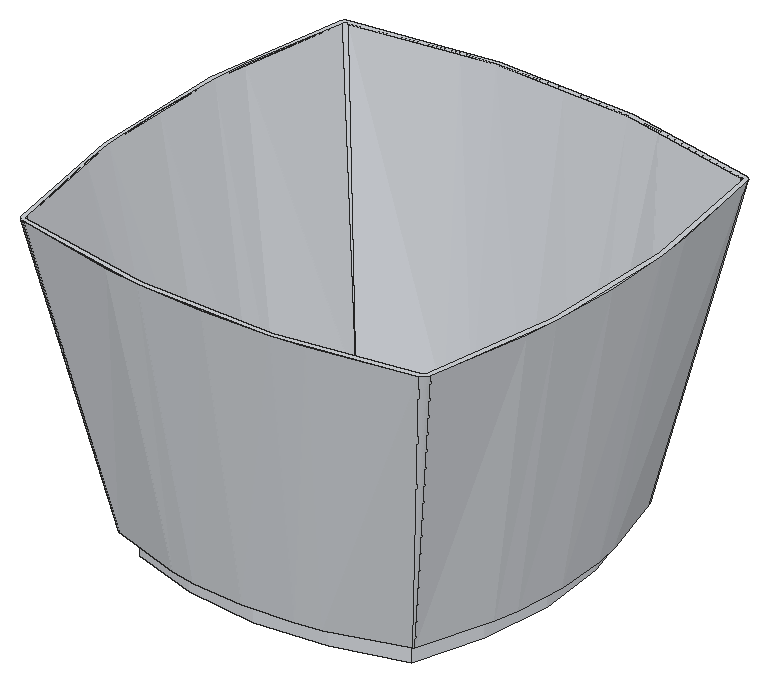
Revit family "Jardinera Das", category Furniture, Revit 2020
Family settings
  OmniClass Number = 23.40.20.00
  OmniClass Title = General Furniture and Specialties
  Work Plane-Based = No
  Always vertical = Yes
  Cut with Voids When Loaded = No
  Shared = No
  Room Calculation Point = No
Parameters (values of type "Jardinera Das-UM1159-745mm")
  URL_Producto = ""
  Referencia = ""
  Material = none
  H = 0.500 m
  Ficha_Tecnica = ""
  Fabricante = ""
  Default Elevation = 0.000 m
  B = 0.745 m
  A = 0.745 m
Reference planes (m)
  plane 1 "Center (Front/Back)": y = 0
  plane 2: z = 0
  plane 3 "Center (Left/Right)": x = 0
  plane 4: y = 0.3725
  plane 5: z = 0.5
  plane 6: y = -0.3725
  plane 7: x = -0.3725
  plane 8: x = 0.3725
  plane 9: y = 0.33
  plane 10: y = -0.33
  plane 11: x = -0.33
  plane 12: x = 0.33
Forms (m)
  Blend 1, solid, material <- "Material"
    base sketch origin (0, 0, 0) x (1, 0, 0) y (0, 1, 0)
      loop
        arc (-0.240522, -0.238798) -> (-0.239824, -0.239824) -> (-0.238798, -0.240522) r 0.003313
        arc (-0.238798, -0.240522) -> (0, -0.29) -> (0.238798, -0.240522) r 0.601
        arc (0.238798, -0.240522) -> (0.239824, -0.239824) -> (0.240522, -0.238798) r 0.003313
        arc (0.240522, -0.238798) -> (0.29, 0) -> (0.240522, 0.238798) r 0.601
        arc (0.240522, 0.238798) -> (0.239824, 0.239824) -> (0.238798, 0.240522) r 0.003313
        arc (0.238798, 0.240522) -> (0, 0.29) -> (-0.238798, 0.240522) r 0.601
        arc (-0.238798, 0.240522) -> (-0.239824, 0.239824) -> (-0.240522, 0.238798) r 0.003313
        arc (-0.240522, 0.238798) -> (-0.29, 0) -> (-0.240522, -0.238798) r 0.601
    top sketch origin (0, 0, 0) x (1, 0, 0) y (0, 1, 0)
      loop
        arc (-0.321389, 0.332224) -> (-0.328294, 0.328294) -> (-0.332224, 0.321389) r 0.015
        arc (-0.332224, 0.321389) -> (-0.3725, 0) -> (-0.332224, -0.321389) r 1.302426
        arc (-0.332224, -0.321389) -> (-0.328294, -0.328294) -> (-0.321389, -0.332224) r 0.015
        arc (-0.321389, -0.332224) -> (0, -0.3725) -> (0.321389, -0.332224) r 1.302426
        arc (0.321389, -0.332224) -> (0.328294, -0.328294) -> (0.332224, -0.321389) r 0.015
        arc (0.332224, -0.321389) -> (0.3725, 0) -> (0.332224, 0.321389) r 1.302426
        arc (0.332224, 0.321389) -> (0.328294, 0.328294) -> (0.321389, 0.332224) r 0.015
        arc (0.321389, 0.332224) -> (0, 0.3725) -> (-0.321389, 0.332224) r 1.302426
    from 0.036417 to 0.5
  Extrusion 2, solid, material <- "Material"
    sketch origin (0, 0, 0) x (1, 0, 0) y (0, 1, 0)
      loop
        arc (-0.220941, -0.220941) -> (0, -0.265) -> (0.220941, -0.220941) r 0.576
        arc (0.220941, -0.220941) -> (0.265, 0) -> (0.220941, 0.220941) r 0.576
        arc (0.220941, 0.220941) -> (0, 0.265) -> (-0.220941, 0.220941) r 0.576
        arc (-0.220941, 0.220941) -> (-0.265, 0) -> (-0.220941, -0.220941) r 0.576
    from 0 to 0.036417
  Blend 3, void
    base sketch origin (0, 0, 0) x (1, 0, 0) y (0, 1, 0)
      loop
        arc (0.234296, -0.234296) -> (0.2825, 0) -> (0.234296, 0.234296) r 0.5935
        arc (0.234296, 0.234296) -> (0, 0.2825) -> (-0.234296, 0.234296) r 0.5935
        arc (-0.234296, 0.234296) -> (-0.2825, 0) -> (-0.234296, -0.234296) r 0.5935
        arc (-0.234296, -0.234296) -> (0, -0.2825) -> (0.234296, -0.234296) r 0.5935
    top sketch origin (0, 0, 0) x (1, 0, 0) y (0, 1, 0)
      loop
        arc (-0.324956, 0.319539) -> (-0.365, 0) -> (-0.324956, -0.319539) r 1.294926
        arc (-0.324956, -0.319539) -> (-0.322991, -0.322991) -> (-0.319539, -0.324956) r 0.0075
        arc (-0.319539, -0.324956) -> (0, -0.365) -> (0.319539, -0.324956) r 1.294926
        arc (0.319539, -0.324956) -> (0.322991, -0.322991) -> (0.324956, -0.319539) r 0.0075
        arc (0.324956, -0.319539) -> (0.365, 0) -> (0.324956, 0.319539) r 1.294926
        arc (0.324956, 0.319539) -> (0.322991, 0.322991) -> (0.319539, 0.324956) r 0.0075
        arc (0.319539, 0.324956) -> (0, 0.365) -> (-0.319539, 0.324956) r 1.294926
        arc (-0.319539, 0.324956) -> (-0.322991, 0.322991) -> (-0.324956, 0.319539) r 0.0075
    from 0.046765 to 0.5
Cuts and joins
  Blend 3 cuts Blend 1
  Blend 3 cuts Extrusion 2
Dimensions and locks (m)
  "A": plane 6 to plane 4
  "B": plane 7 to plane 8
  "H": plane 5 to level
  aligned and locked: level to plane 2
Automatic sketch dimensions
  plane 1 "Center (Front/Back)" to Blend 1 sketch curve = 0.000 m  (x4)
  Blend 1 sketch curve to plane 3 "Center (Left/Right)" = 0.000 m  (x4)
  plane 11 to Blend 1 sketch curve = 0.092518 m  (x2)
  plane 11 to Blend 1 sketch curve = 0.019 m
  plane 12 to Blend 1 sketch curve = 0.092518 m  (x2)
  plane 12 to Blend 1 sketch curve = 0.019 m
  Blend 1 sketch curve to plane 10 = 0.092518 m  (x2)
  Blend 1 sketch curve to plane 10 = 0.019 m
  Blend 1 sketch curve to plane 9 = 0.092518 m  (x2)
  Blend 1 sketch curve to plane 9 = 0.019 m
  Blend 1 sketch curve to Blend 1 sketch curve = 0.001316 m  (x2)
  Blend 1 sketch curve to Blend 1 sketch curve = 0.000 m  (x12)
  plane 11 to Blend 1 sketch curve = 0.012312 m  (x2)
  Blend 1 sketch curve to plane 7 = 0.557426 m
  plane 12 to Blend 1 sketch curve = 0.012312 m  (x2)
  Blend 1 sketch curve to plane 8 = 0.557426 m
  Blend 1 sketch curve to plane 10 = 0.012312 m  (x2)
  plane 6 to Blend 1 sketch curve = 0.557426 m
  Blend 1 sketch curve to plane 9 = 0.012312 m  (x2)
  plane 4 to Blend 1 sketch curve = 0.557426 m
  plane 9 to Blend 1 sketch curve = 0.002224 m
  plane 10 to Blend 1 sketch curve = 0.002224 m
  plane 1 "Center (Front/Back)" to Extrusion 2 sketch curve = 0.000 m  (x2)
  Extrusion 2 sketch curve to plane 3 "Center (Left/Right)" = 0.000 m  (x2)
  plane 11 to Extrusion 2 sketch curve = 0.019 m
  plane 12 to Extrusion 2 sketch curve = 0.019 m
  Extrusion 2 sketch curve to plane 10 = 0.019 m
  Extrusion 2 sketch curve to plane 9 = 0.019 m
  plane 11 to Extrusion 2 sketch curve = 0.109059 m  (x2)
  plane 12 to Extrusion 2 sketch curve = 0.109059 m
  Extrusion 2 sketch curve to plane 10 = 0.109059 m
  plane 1 "Center (Front/Back)" to Blend 3 sketch curve = 0.000 m  (x4)
  Blend 3 sketch curve to plane 3 "Center (Left/Right)" = 0.000 m  (x4)
  plane 11 to Blend 3 sketch curve = 0.019 m
  plane 12 to Blend 3 sketch curve = 0.019 m
  Blend 3 sketch curve to plane 10 = 0.019 m
  Blend 3 sketch curve to plane 9 = 0.019 m
  plane 11 to Blend 3 sketch curve = 0.095704 m  (x2)
  plane 12 to Blend 3 sketch curve = 0.095704 m
  Blend 3 sketch curve to plane 10 = 0.095704 m
  plane 11 to Blend 3 sketch curve = 0.012312 m  (x2)
  Blend 3 sketch curve to plane 7 = 0.557426 m
  plane 12 to Blend 3 sketch curve = 0.012312 m  (x2)
  Blend 3 sketch curve to plane 8 = 0.557426 m
  Blend 3 sketch curve to plane 10 = 0.012312 m  (x2)
  plane 6 to Blend 3 sketch curve = 0.557426 m
  Blend 3 sketch curve to plane 9 = 0.012312 m  (x2)
  plane 4 to Blend 3 sketch curve = 0.557426 m
  Blend 3 sketch curve to plane 9 = 0.005044 m
  Blend 3 sketch curve to plane 10 = 0.005044 m
  Blend 3 sketch curve to Blend 3 sketch curve = 0.000 m  (x6)
